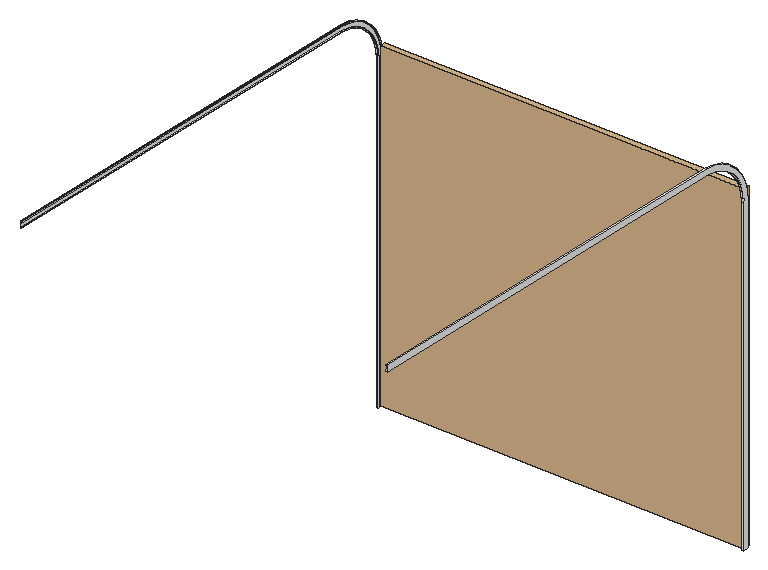
Revit family
Parameters (values of type "7Ft H x 8Ft W")
  Track Width = Width + 0' 2"  # 8' - 2"
  Track Depth = 10' - 0"
  Track = Metal
  Track Height = Height + 1' 0"  # 8' - 0"
  Thickness = 0' - 0"
  SmartBIM Object Version = 1  # constant formula
  SmartBIM Object Created By = "Reed Construction Data"  # constant formula
  Rough Height = 0' - 0"
  Panel Thickness = 0' - 1 1/2"
  Manufacturer = ""
  Height = 7' - 0"
  Wall Closure = (empty or 0)
  Width = 8' - 0"
  Glass = Glass
  Door = Wood
  95 CSI = "08360"  # constant formula
  04 CSI = "08 36 13"  # constant formula
Types (3): name | Track Width | Width
  (no name) | 8' - 2" | 8' - 0"
  7Ft H x 8Ft W | 8' - 2" | 8' - 0"
  7Ft H x 16Ft W | 16' - 2" | 16' - 0"
Reference planes (in)
  plane 1 "Center (Front/Back)": y = 0
  plane 2 "Center (Left/Right)": x = 0
  plane 3 "Left": x = -48
  plane 4 "Right": x = 48
  plane 5: x = -49
  plane 6: x = 49
  plane 7: y = -2.5
  plane 8: z = 84
  plane 9: x = -45
  plane 10: x = -3
  plane 11: z = 78
  plane 12: x = 3
  plane 13: x = 45
  plane 14: y = -2.5
  plane 15: y = -2.5
  plane 16 "Interior": y = -3.25
  plane 17 "Exterior": y = -1.75
  plane 18: y = -1.75
  plane 19: y = -3.25
  plane 20: y = -1.75
  plane 21: z = 3
  plane 22: z = 21
  plane 23: z = 27
  plane 24: z = 81
Forms (in)
  Extrusion 1, solid, material "Wood" <- "Door"
    sketch origin (0, 0, 0) x (1, 0, 0) y (0, 0, 1)
      loop
        line (49, 87) -> (-49, 87) -> (-49, 0) -> (49, 0) -> (49, 87)
    from 1.75 to 3.25
Lines and regions (in)
  Opening 1
    outline origin (-90, -1.75, 0) x (1, 0, 0) y (0, 0, 1)
      loop
        line (42, 0) -> (138, 0) -> (138, 87) -> (42, 87) -> (42, 0)
  model lines
    curve 1: line (48, -1.75, 0) -> (48, -1.75, 87)
    curve 2: line (-48, -1.75, 87) -> (-48, -1.75, 0)
    curve 3: line (45, -1.75, 3) -> (45, -1.75, 21)
    curve 4: line (45, -1.75, 3) -> (3, -1.75, 3)
    curve 5: line (-45, -1.75, 3) -> (-45, -1.75, 21)
    curve 6: line (3, -1.75, 3) -> (3, -1.75, 21)
    curve 7: line (-3, -1.75, 3) -> (-3, -1.75, 21)
    curve 8: line (-3, -1.75, 3) -> (-45, -1.75, 3)
    curve 9: line (45, -1.75, 21) -> (3, -1.75, 21)
    curve 10: line (-3, -1.75, 21) -> (-45, -1.75, 21)
    curve 11: line (45, -1.75, 27) -> (3, -1.75, 27)
    curve 12: line (-3, -1.75, 27) -> (-45, -1.75, 27)
    curve 13: arc (45, -1.75, 81) -> (24.06585, -1.75, 83.4219) -> (3, -1.75, 84) r 240.25117
    curve 14: arc (-3, -1.75, 84) -> (-24.0758, -1.75, 83.56119) -> (-45, -1.75, 81) r 208.84735
    curve 15: line (3, -1.75, 27) -> (3, -1.75, 84)
    curve 16: line (-3, -1.75, 27) -> (-3, -1.75, 84)
    curve 17: line (-45, -1.75, 27) -> (-45, -1.75, 81)
    curve 18: line (45, -1.75, 27) -> (45, -1.75, 81)
    curve 19: arc (-3, -3.25, 84) -> (-24.0758, -3.25, 83.56119) -> (-45, -3.25, 81) r 208.84735
    curve 20: line (-45, -3.25, 81) -> (-45, -3.25, 27)
    curve 21: line (-45, -3.25, 27) -> (-3, -3.25, 27)
    curve 22: line (-3, -3.25, 27) -> (-3, -3.25, 84)
    curve 23: arc (45, -3.25, 81) -> (24.06585, -3.25, 83.4219) -> (3, -3.25, 84) r 240.25117
    curve 24: line (3, -3.25, 84) -> (3, -3.25, 27)
    curve 25: line (3, -3.25, 27) -> (45, -3.25, 27)
    curve 26: line (45, -3.25, 27) -> (45, -3.25, 81)
    curve 27: line (45, -3.25, 21) -> (3, -3.25, 21)
    curve 28: line (45, -3.25, 3) -> (45, -3.25, 21)
    curve 29: line (45, -3.25, 3) -> (3, -3.25, 3)
    curve 30: line (3, -3.25, 3) -> (3, -3.25, 21)
    curve 31: line (-3, -3.25, 21) -> (-3, -3.25, 3)
    curve 32: line (-3, -3.25, 3) -> (-45, -3.25, 3)
    curve 33: line (-3, -3.25, 21) -> (-45, -3.25, 21)
    curve 34: line (-45, -3.25, 21) -> (-45, -3.25, 3)
Text (in)
  text "Exterior" at (-74.96733, 27.31104, 0), in view "Ref. Level"
  text "Interior" at (-76.69036, -30.31274, 0), in view "Ref. Level"
  text "Exterior" at (0, 40.15149, 123.01588), in view "Right"
  text "Interior" at (0, -64.39139, 123.01588), in view "Right"
  text "Interior" at (0, -31.01599, 123.00693), in view "Left"
  text "Exterior" at (0, 54.57065, 123.00693), in view "Left"
Dimensions and locks (in)
  equal spacing: plane 3 "Left", plane 2 "Center (Left/Right)", plane 4 "Right"
  "Width": plane 3 "Left" to plane 4 "Right"
  locked: plane 5 to plane 3 "Left" at 1
  locked: plane 4 "Right" to plane 6 at 1
  "Panel Thickness": Extrusion 1 to Extrusion 1
  locked: plane 3 "Left" to plane 9 at 3
  plane 8 to plane 11 = 0' - 6"
  locked: plane 13 to plane 4 "Right" at 3
  plane 14 to Extrusion 1 = 0' - 0 3/4"
  equal spacing: plane 17 "Exterior", plane 7, plane 19
  "Panel Thickness": plane 17 "Exterior" to plane 16 "Interior"
  locked: level to plane 21 at 3
  plane 21 to level = 0' - 3"
  locked: plane 2 "Center (Left/Right)" to plane 10 at 3
  locked: plane 12 to plane 2 "Center (Left/Right)" at 3
  plane 2 "Center (Left/Right)" to plane 9 = 3' - 9"
  plane 4 "Right" to plane 2 "Center (Left/Right)" = 4' - 0"
  equal spacing: plane 12, plane 2 "Center (Left/Right)", plane 10
  locked: plane 21 to plane 22 at 18
  locked: plane 22 to plane 23 at 6
  "Height": level to plane 8
  locked: plane 24 to plane 8 at 3
  plane 11 to plane 24 = 0' - 3"
  aligned and locked: plane 3 "Left" to Opening 1 sketch curve
  aligned and locked: Opening 1 sketch curve to plane 4 "Right"
  aligned and locked: Opening 1 sketch curve to level
  aligned and locked: Extrusion 1 sketch curve to plane 6
  aligned and locked: Extrusion 1 sketch curve to level
  aligned and locked: plane 14 to plane 15
  aligned and locked: curve 1 to host wall
  aligned and locked: curve 2 to host wall
  aligned and locked: plane 14 to plane 7
  aligned and locked: plane 17 "Exterior" to host wall
  aligned and locked: plane 16 "Interior" to plane 19
  aligned and locked: plane 20 to plane 18
  aligned and locked: Extrusion 1 to plane 19
  aligned and locked: plane 20 to Extrusion 1
  aligned and locked: host wall to plane 20
  aligned and locked: Extrusion 1 sketch curve to host wall
  aligned and locked: curve 4 to plane 21
  aligned and locked: curve 7 to plane 10
  aligned and locked: plane 21 to curve 6
  aligned and locked: plane 8 to curve 16
  aligned and locked: plane 8 to curve 15
  aligned and locked: curve 9 to plane 22
  aligned and locked: plane 9 to curve 10
  aligned and locked: curve 11 to plane 23
  aligned and locked: curve 12 to plane 23
  aligned and locked: plane 12 to curve 15
  aligned and locked: plane 13 to curve 13
  aligned and locked: plane 24 to curve 17
  aligned and locked: curve 19 to curve 14
  aligned and locked: curve 20 to curve 17
  aligned and locked: curve 21 to curve 12
  aligned and locked: curve 22 to curve 16
  aligned and locked: curve 23 to curve 13
  aligned and locked: curve 24 to curve 15
  aligned and locked: curve 25 to curve 11
  aligned and locked: curve 26 to curve 18
  aligned and locked: curve 27 to curve 9
  aligned and locked: curve 28 to curve 3
  aligned and locked: curve 29 to curve 4
  aligned and locked: curve 30 to curve 6
  aligned and locked: curve 31 to curve 7
  aligned and locked: curve 32 to curve 8
  aligned and locked: curve 10 to curve 33
  aligned and locked: curve 34 to curve 5
  aligned and locked: nested 1 to plane 2 "Center (Left/Right)"
  aligned and locked: plane 19 to nested 1
Automatic sketch dimensions
  plane 8 to Opening 1 sketch curve = 0' - 3"
  Extrusion 1 sketch curve to plane 5 = 0' - 0"
  curve 1 to plane 4 "Right" = 0' - 0"
  curve 2 to plane 3 "Left" = 0' - 0"
  curve 2 to level = 0' - 0"
  curve 1 to level = 0' - 0"
  curve 8 to plane 21 = 0' - 0"
  curve 13 to plane 24 = 0' - 0"
  curve 13 to plane 12 = 0' - 3.94866"
  curve 14 to plane 10 = 0' - 6.19604"
  plane 8 to curve 1 = 0' - 3"
  plane 8 to curve 2 = 0' - 3"
  curve 16 to plane 10 = 0' - 0"
  curve 12 to plane 9 = 0' - 0"
  plane 13 to curve 4 = 0' - 0"
  curve 9 to plane 12 = 0' - 0"
  curve 10 to plane 22 = 0' - 0"
Nested families (in)
  nested 1: "Door Track" at (-0.5, -64, 0), Width <- "Track Width", Height <- "Track Height", Depth <- "Track Depth", type "Door Track"
    with Width 8' - 2", Height 8' - 0", Depth 10' - 0"
Definition of nested family "Door Track"
  Parameters
    Width [instance] = 10' - 0"
    Track = Metal
    Height [instance] = 11' - 0"
    Depth [instance] = 10' - 0"
  Reference planes (in)
    plane 1 "Center (Front/Back)": y = 0
    plane 2: z = 0
    plane 3 "Center (Left/Right)": x = 0.5
    plane 4 "Back": y = 60
    plane 5 "Front": y = -60
    plane 6 "Left": x = -59.5
    plane 7 "Right": x = 60.5
    plane 8 "Top": z = 132
    plane 9 "Center (Up/Down)": z = 66
    plane 10: y = 60.75
    plane 11: y = 61.5
  Forms (in)
    Sweep 1, solid, material "Metal" <- "Track"
      path origin (60.5, 60, 48) x (0, 1, 0) y (0, 0, 1)
        loop
          line (0, -48) -> (0, 72)
          arc (0, 72) -> (-3.51472, 80.48528) -> (-12, 84) r 12
          line (-12, 84) -> (-120, 84)
      profile origin (60.5, -6, 132) x (0, 0, -1) y (1, 0, 0)
        loop
          line (-1.5, 0) -> (-1.375, 0) -> (-1.375, 0.375) -> (-0.125, 0.375) -> (-0.125, 0) -> (0, 0) -> (0, 0.5) -> (-1.5, 0.5) -> (-1.5, 0)
    Sweep 2, solid, material "Metal" <- "Track"
      path origin (-59.5, 60, 48) x (0, 1, 0) y (0, 0, 1)
        loop
          line (0, -48) -> (0, 72)
          arc (0, 72) -> (-3.51472, 80.48528) -> (-12, 84) r 12
          line (-12, 84) -> (-120, 84)
      profile origin (-59.5, -6, 132) x (0, 0, -1) y (1, 0, 0)
        loop
          line (-1.5, 0) -> (-1.5, -0.5) -> (0, -0.5) -> (0, 0) -> (-0.125, 0) -> (-0.125, -0.375) -> (-1.375, -0.375) -> (-1.375, 0) -> (-1.5, 0)
  Dimensions and locks (in)
    equal spacing: plane 6 "Left", plane 3 "Center (Left/Right)", plane 7 "Right"
    "Width": plane 6 "Left" to plane 7 "Right"
    equal spacing: plane 4 "Back", plane 1 "Center (Front/Back)", plane 5 "Front"
    "Depth": plane 4 "Back" to plane 5 "Front"
    "Height": plane 8 "Top" to plane 2
    equal spacing: plane 8 "Top", plane 9 "Center (Up/Down)", level
    locked: Sweep 2 sketch curve to Sweep 2 sketch curve at 0.125  (x3)
    locked: Sweep 2 sketch curve to Sweep 2 sketch curve at 0.5  (x2)
    locked: Sweep 2 sketch curve to Sweep 2 sketch curve at 1.5
    locked: Sweep 1 sketch curve to Sweep 1 sketch curve at 0.5  (x2)
    locked: Sweep 1 sketch curve to Sweep 1 sketch curve at 0.125  (x3)
    locked: Sweep 1 sketch curve to Sweep 1 sketch curve at 1.5
    equal spacing: plane 4 "Back", plane 10, plane 11
    locked: plane 10 to plane 11 at 0.75
    radius of Sweep 1 sketch curve = 1' - 0"
    radius of Sweep 2 sketch curve = 1' - 0"
    aligned and locked: plane 8 "Top" to Sweep 1 sketch curve  (x2)
    aligned and locked: plane 5 "Front" to Sweep 1 sketch curve
    aligned and locked: plane 4 "Back" to Sweep 1 sketch curve
    aligned and locked: plane 4 "Back" to Sweep 2 sketch curve
    aligned and locked: plane 5 "Front" to Sweep 2 sketch curve
    aligned and locked: level to Sweep 2 sketch curve
    aligned and locked: Sweep 2 sketch curve to profile plane  (x2)
    aligned and locked: Sweep 1 sketch curve to profile plane
    aligned and locked: plane 11 to Sweep 1
  Automatic sketch dimensions
    Sweep 1 sketch curve to level = 0' - 0"
    Sweep 2 sketch curve to plane 8 "Top" = 0' - 0"
